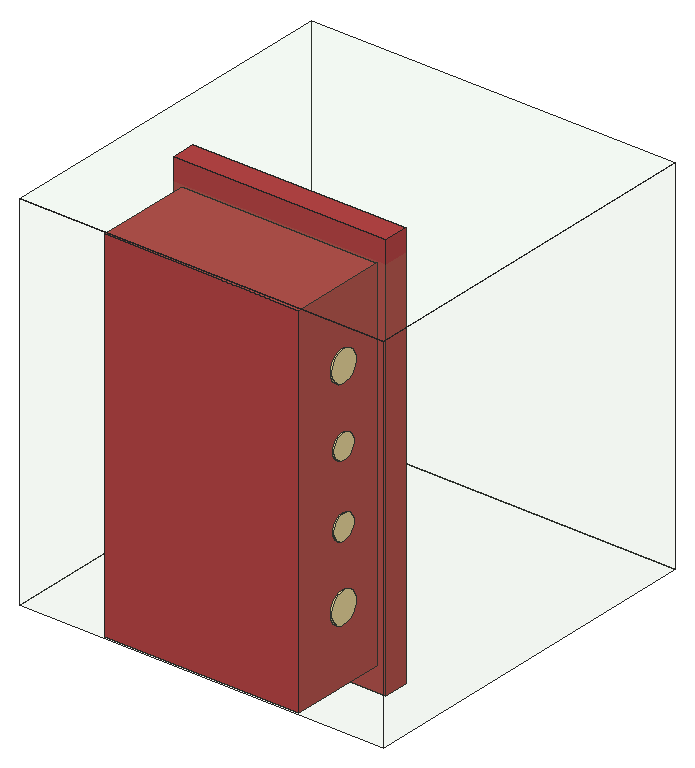
Revit family "ZETA_Коробка_Клемная_КМ 65-20_IP65", category Электрические приборы, Revit 2021
Family settings
  Сохранять ориентацию аннотаций = Нет
  Размер круглого соединителя = Использовать диаметр
  Тип детали = Нормальный
  На основе рабочей плоскости = Да
  Всегда вертикально = Нет
  При загрузке вырезать с полостями = Нет
  Общий = Нет
  Точка принадлежности помещению = Да
Parameters (values of type "65-20_IP65")
  УГО_Ширина = 10 mm
  УГО_Смещение_Х [instance] = 0 mm
  УГО_Смещение_Y [instance] = 0 mm
  УГО_Высота = 5 mm
  Температура эксплуатации = "от -40°С до +60°С"
  Сечение жил до = "4мм2"
  Сертификат = "RU C-RU.АД84.В.00192/20"
  Потолочное размещение [instance] = no
  Default Elevation = 1219.2 mm
  Описание = "Коробки клеммные соединительные КМ43 и КМ65 предназначены для\r\nсоединения и разветвления силовых электрических цепей и цепей КИПиА,\r\nвыполняемых контрольными и силовыми кабелями с алюминиевыми или медными\r\nжилами сечением 1,5-4мм2."
  Номинальный ток = "до 25A"
  Напряжение постоянного тока = "440 В"
  Напряжение переменного тока = "660 В"
  Крышка_Ширина = 160 mm
  Крышка_Длина = 190 mm
  Климатическое исполнение = "УХЛ1,5"
  Изготовитель = "АО «ЗЭТА»"  # constant formula
  Изготавливается по = "ТУ 27.33.13.120-047-99856433-2020"
  URL = "https://nzeta.ru/"
  D3 = 20 mm
  D2 = 32 mm
  D1 = 25 mm
  В_УГО_Смещение_У [instance] = УГО_Смещение_Y + 2000 mm  # 2000 mm
  В_УГО_Смещение_X [instance] = УГО_Смещение_Х + 2000 mm  # 2000 mm
  ADSK_Ток = 0 A
  ADSK_Степень защиты_IP = "IP65"
  ADSK_Размер_Ширина = 175 mm
  ADSK_Размер_УголПоворота [instance] = if(Потолочное размещение, -90.00°, 180.00°)  # 180.00°
  ADSK_Размер_Длина = 336 mm
  ADSK_Размер_Высота = 100 mm
  ADSK_Примечание [instance] = ""
  ADSK_Полная мощность = 0 VA
  ADSK_Позиция [instance] = ""
  ADSK_Обозначение = "KK"
  ADSK_Номинальная мощность = 0 W
  ADSK_Номер стояка = ""
  ADSK_Номер линии = 0
  ADSK_Напряжение = 230 V
  ADSK_Наименование краткое = "КМ 65-20"
  ADSK_Наименование = "Коробка монтажная КМ 65-20 УХЛ1,5 IP65 латунный ввод ГОФРОМАТИК"
  ADSK_Материал наименование = "Сталь оцинкованная"
  ADSK_Масса_Текст = "1,9"
  ADSK_Масса = 1.9
  ADSK_Марка = "KK КМ 65-20 УХЛ1,5 IP65"
  ADSK_Коэффициент мощности = 1
  ADSK_Количество фаз числовое = 1
  ADSK_Количество фаз = 1
  ADSK_Количество = 1
  ADSK_Код изделия = "zeta30343"
  ADSK_Классификация нагрузок = Прочее
  ADSK_Завод-изготовитель = "АО «ЗЭТА»"  # constant formula
  ADSK_Единица измерения = "шт"  # constant formula
  ADSK_Версия семейства = "v.1"  # constant formula
  ADSK_Версия Revit = "2021"
  ADSK_URL страницы изделия = "https://nzeta.ru/catalog/?q=zeta30343"
  ADSK_URL документации изделия = "https://nzeta.ru/upload/uf/ce7/flzcsbpz9h0f8diecrwf8y3ppipdy0zw/passport.pdf"
Reference planes
  plane 1 "По центру (Вперед/Назад)": y = 0
  plane 2: z = 0
  plane 3 "По центру (Влево/Вправо)": x = 0
  plane 4: x = -2000
  plane 5: y = -2000
  plane 6: x = 0
  plane 7: y = 0
Lines and regions (mm)
  reference lines
    curve 1: line (0, 0, 0) -> (0, 0, -180)
    curve 2: line (0, 0, 0) -> (0, 140, 0)
Dimensions and locks
  "В_УГО_Смещение_X": plane 4 to plane 6
  "В_УГО_Смещение_У": plane 7 to plane 5
  angle curve 2 to curve 1 = 90.00°
  "ADSK_Размер_УголПоворота": angle plane 1 "По центру (Вперед/Назад)" to curve 1
  aligned and locked: level to plane 2
  aligned and locked: plane 6 to nested 1
  aligned and locked: nested 1 to plane 7
  aligned and locked: plane 2 to curve 2
  aligned and locked: plane 1 "По центру (Вперед/Назад)" to curve 1
  aligned and locked: nested 2 to curve 2
Nested families
  nested 1: "УГО_Клеменная_Коробка_(GenAnn)" at (0, 0, 0), УГО_Высота <- "УГО_Высота", УГО_Длина <- "УГО_Ширина", ADSK_Обозначение <- "ADSK_Обозначение", ADSK_Степень защиты_IP <- "ADSK_Степень защиты_IP", type "УГО_Клеменная_Коробка_(GenAnn)", detail levels coarse+medium
    with УГО_Длина 10 mm, УГО_Высота 5 mm, ADSK_Степень защиты_IP "IP65", ADSK_Обозначение "KK"
  nested 2: "ZETA_Коробка_Клемная_КМ 65-20_IP65_Геометрия" at (0, 0, 0) x (0, 0, -1) z (0, 1, 0), type "65-20", detail levels medium+fine
  nested 3: "Zeta_Зона обслуживания" at (0, 0, 0) x (-1, 0, 0) z (0, 0, -1), type "Зона обслуживания_Куб", detail levels medium+fine
    with Зона обслуживания_Ширина 300 mm, Зона обслуживания_Длина 300 mm, Зона обслуживания_Высота 300 mm
Connectors
  cabletrayconduit at (-81.999, 43.588, 88.893), diameter 32, driven by "D2"
    settings: on nested 2, index 2, connector width 300 mm, connector height 300 mm, connector angle 0.00°, system type 32, placement type 0, profile type 0, connector reference index -1, is primary connector yes, connector utility param no, connector description ""
  cabletrayconduit at (-81.999, 43.588, 0), diameter 25, driven by "D1"
    settings: on nested 2, index 3, connector width 300 mm, connector height 300 mm, connector angle 0.00°, system type 32, placement type 0, profile type 0, connector reference index -1, is primary connector no, connector utility param no, connector description ""
  cabletrayconduit at (-81.999, 43.588, -88.893), diameter 32, driven by "D2"
    settings: on nested 2, index 4, connector width 300 mm, connector height 300 mm, connector angle 0.00°, system type 32, placement type 0, profile type 0, connector reference index -1, is primary connector no, connector utility param no, connector description ""
  electrical at (0, 0, 0), driven by "ADSK_Количество фаз", driven by "ADSK_Классификация нагрузок", driven by "ADSK_Напряжение", driven by "ADSK_Полная мощность", driven by "ADSK_Коэффициент мощности"
    settings: on nested 2, index 5, voltage 230 V, apparent load 0 VA, apparent load phase1 0 VA, apparent load phase2 0 VA, apparent load phase3 0 VA, power factor 1, load classification "Прочее", number of poles 1, system type 30, power factor state 1, is connector primary yes, connector utility no, sub classification motor no, connector description ""
  cabletrayconduit at (81.928, 43.588, 89.057), diameter 25, driven by "D1"
    settings: on nested 2, index 7, connector width 300 mm, connector height 300 mm, connector angle 0.00°, system type 32, placement type 0, profile type 0, connector reference index -1, is primary connector no, connector utility param no, connector description ""
  cabletrayconduit at (81.928, 43.588, -89.057), diameter 25, driven by "D1"
    settings: on nested 2, index 8, connector width 300 mm, connector height 300 mm, connector angle 0.00°, system type 32, placement type 0, profile type 0, connector reference index -1, is primary connector no, connector utility param no, connector description ""
  cabletrayconduit at (81.928, 43.588, 29.686), diameter 20, driven by "D3"
    settings: on nested 2, index 9, connector width 300 mm, connector height 300 mm, connector angle 0.00°, system type 32, placement type 0, profile type 0, connector reference index -1, is primary connector no, connector utility param no, connector description ""
  cabletrayconduit at (81.928, 43.588, -29.686), diameter 20, driven by "D3"
    settings: on nested 2, index 10, connector width 300 mm, connector height 300 mm, connector angle 0.00°, system type 32, placement type 0, profile type 0, connector reference index -1, is primary connector no, connector utility param no, connector description ""
Definition of nested family "ZETA_Коробка_Клемная_КМ 65-20_IP65_Геометрия"
  Parameters (values of type "65-20")
    Привязки_Штуцер = 177.786 mm
    Default Elevation = 1219.2 mm
    Основание_Ширина = ADSK_Размер_Ширина * 0.9142  # 159.985 mm
    Основание_Длина = ADSK_Размер_Длина * 0.8835  # 296.856 mm
    Manufacturer = "АО \"ЗЭТАРУС\""
    D3 = 20 mm
    D2 = 32 mm
    D1 = 25 mm
    ADSK_Размер_Ширина = 175 mm
    ADSK_Размер_Длина = 336 mm
    ADSK_Размер_Высота = 100 mm
  Reference planes
    plane 1 "По центру (Вперед/Назад)": y = 0
    plane 2: z = 0
    plane 3 "По центру (Влево/Вправо)": x = 0
    plane 4: x = -148.428
    plane 5: x = 148.428
    plane 6: y = -79.992
    plane 7: y = 79.993
    plane 8: x = -168
    plane 9: y = -87.5
    plane 10: x = 168
    plane 11: y = 87.5
    plane 12: z = 100
    plane 13: z = 79.822
    plane 14: y = -57.269
    plane 15: y = 57.269
    plane 16: z = 43.588
    plane 17: y = -81.999
    plane 18: y = 81.928
    plane 19: x = -88.893
    plane 20: x = 88.893
    plane 21: x = -29.686
    plane 22: x = -89.057
    plane 23: x = 29.686
    plane 24: x = 89.057
  Forms (mm)
    Extrusion 1, solid
      sketch origin (0, 0, 0) x (1, 0, 0) y (0, 1, 0)
        loop
          line (-148.428, 79.993) -> (-148.428, -79.992) -> (148.428, -79.992) -> (148.428, 79.993) -> (-148.428, 79.993)
      from 0 to 79.822
    Extrusion 2, solid
      sketch origin (0, 0, 0) x (1, 0, 0) y (0, 1, 0)
        loop
          line (-168, 87.5) -> (-168, -87.5) -> (168, -87.5) -> (168, 87.5) -> (-168, 87.5)
      from 100 to 79.822
    Extrusion 3, solid
      sketch origin (0, 0, 0) x (1, 0, 0) y (0, 0, 1)
        loop
          circle (-88.893, 43.588) r 16
      from 79.992 to 81.999
    Extrusion 4, solid
      sketch origin (43.5, 0, 0) x (1, 0, 0) y (0, 0, 1)
        loop
          circle (-43.5, 43.588) r 12.5
      from 81.999 to 79.992
    Extrusion 5, solid
      sketch origin (117, 0, 0) x (1, 0, 0) y (0, 0, 1)
        loop
          circle (-28.107, 43.588) r 16
      from 81.999 to 79.992
    Extrusion 6, solid
      sketch origin (85.899, 167.006, 14.478) x (1, 0, 0) y (0, 0, 1)
        loop
          circle (-115.585, 29.11) r 10
      from 85.079 to 87.014
    Extrusion 7, solid
      sketch origin (26.528, 167.006, 14.478) x (1, 0, 0) y (0, 0, 1)
        loop
          circle (-115.585, 29.11) r 12.5
      from 85.079 to 87.014
    Extrusion 8, solid
      sketch origin (145.27, 167.006, 14.478) x (1, 0, 0) y (0, 0, 1)
        loop
          circle (-115.585, 29.11) r 10
      from 85.079 to 87.014
    Extrusion 9, solid
      sketch origin (204.642, 167.006, 14.478) x (1, 0, 0) y (0, 0, 1)
        loop
          circle (-115.585, 29.11) r 12.5
      from 85.079 to 87.014
  Dimensions and locks
    equal spacing: plane 4, plane 3 "По центру (Влево/Вправо)", plane 5
    equal spacing: plane 7, plane 1 "По центру (Вперед/Назад)", plane 6
    "Основание_Ширина": plane 7 to plane 6
    "Основание_Длина": plane 4 to plane 5
    equal spacing: plane 11, plane 1 "По центру (Вперед/Назад)", plane 9
    equal spacing: plane 8, plane 3 "По центру (Влево/Вправо)", plane 10
    "ADSK_Размер_Ширина": plane 11 to plane 9
    "ADSK_Размер_Длина": plane 8 to plane 10
    "ADSK_Размер_Высота": plane 12 to level
    locked: plane 6 to plane 17 at 2.006
    locked: plane 18 to plane 7 at 1.935
    equal spacing: plane 19, plane 3 "По центру (Влево/Вправо)", plane 20
    equal spacing: plane 4, plane 22, plane 21, plane 23, plane 24, plane 5
    "Привязки_Штуцер": plane 19 to plane 20
    "D2": diameter of Extrusion 3 sketch curve
    "D1": diameter of Extrusion 4 sketch curve
    "D2": diameter of Extrusion 5 sketch curve
    "D3": diameter of Extrusion 6 sketch curve
    "D1": diameter of Extrusion 7 sketch curve
    "D3": diameter of Extrusion 8 sketch curve
    "D1": diameter of Extrusion 9 sketch curve
    aligned and locked: level to plane 2
    aligned and locked: Extrusion 1 sketch curve to plane 7
    aligned and locked: plane 4 to Extrusion 1 sketch curve
    aligned and locked: plane 6 to Extrusion 1 sketch curve
    aligned and locked: Extrusion 1 sketch curve to plane 5
    aligned and locked: Extrusion 2 sketch curve to plane 11
    aligned and locked: plane 8 to Extrusion 2 sketch curve
    aligned and locked: plane 9 to Extrusion 2 sketch curve
    aligned and locked: Extrusion 2 sketch curve to plane 10
    aligned and locked: Extrusion 2 to plane 13
    aligned and locked: Extrusion 1 to Extrusion 2
    aligned and locked: plane 16 to Extrusion 3 sketch curve
    aligned and locked: plane 6 to Extrusion 3
    aligned and locked: Extrusion 3 to plane 17
    aligned and locked: plane 18 to Extrusion 6
    aligned and locked: Extrusion 6 to plane 7
    aligned and locked: Extrusion 4 to Extrusion 1
    aligned and locked: Extrusion 4 to plane 17
    aligned and locked: Extrusion 5 to Extrusion 1
    aligned and locked: Extrusion 5 to plane 17
    aligned and locked: plane 19 to Extrusion 3 sketch curve
    aligned and locked: plane 20 to Extrusion 5 sketch curve
    aligned and locked: plane 16 to Extrusion 5 sketch curve
    aligned and locked: plane 16 to Extrusion 6 sketch curve
    aligned and locked: plane 21 to Extrusion 6 sketch curve
  Automatic sketch dimensions
    Extrusion 4 sketch curve to plane 3 "По центру (Влево/Вправо)" = 0 mm
    Extrusion 4 sketch curve to plane 16 = 0 mm
    Extrusion 7 sketch curve to plane 16 = 0 mm
    Extrusion 7 sketch curve to plane 22 = 0 mm
    Extrusion 8 sketch curve to plane 16 = 0 mm
    Extrusion 8 sketch curve to plane 23 = 0 mm
    Extrusion 9 sketch curve to plane 16 = 0 mm
    Extrusion 9 sketch curve to plane 24 = 0 mm
Definition of nested family "Zeta_Зона обслуживания"
  Parameters (values of type "Зона обслуживания_Куб")
    Default Elevation = 1219.2 mm
    Зона обслуживания_Ширина [instance] = 300 mm
    Зона обслуживания_Длина [instance] = 300 mm
    Зона обслуживания_Высота [instance] = 300 mm
  Reference planes
    plane 1 "По центру (Вперед/Назад)": y = 0
    plane 2: z = 0
    plane 3 "По центру (Влево/Вправо)": x = 0
    plane 4: x = -150
    plane 5: x = 150
    plane 6: y = 300
    plane 7: z = 150
    plane 8: z = -150
  Forms (mm)
    Extrusion 1, solid
      sketch origin (0, 0, 0) x (1, 0, 0) y (0, 1, 0)
        loop
          line (-150, 300) -> (-150, 0) -> (150, 0) -> (150, 300) -> (-150, 300)
      from -150 to 150
  Dimensions and locks
    equal spacing: plane 4, plane 3 "По центру (Влево/Вправо)", plane 5
    "Зона обслуживания_Ширина": plane 6 to plane 1 "По центру (Вперед/Назад)"
    "Зона обслуживания_Длина": plane 4 to plane 5
    equal spacing: plane 7, level, plane 8
    "Зона обслуживания_Высота": plane 7 to plane 8
    aligned and locked: level to plane 2
    aligned and locked: Extrusion 1 sketch curve to plane 6
    aligned and locked: plane 4 to Extrusion 1 sketch curve
    aligned and locked: Extrusion 1 sketch curve to plane 5
    aligned and locked: Extrusion 1 to plane 8
    aligned and locked: plane 7 to Extrusion 1
    aligned and locked: plane 1 "По центру (Вперед/Назад)" to Extrusion 1
  Automatic sketch dimensions
    plane 1 "По центру (Вперед/Назад)" to Extrusion 1 sketch curve = 0 mm
Definition of nested family "УГО_Клеменная_Коробка_(GenAnn)"
  Parameters (values of type "УГО_Клеменная_Коробка_(GenAnn)")
    УГО_Длина [instance] = 10 mm
    УГО_Высота [instance] = 5 mm
    ADSK_Степень защиты_IP [instance] = ""
    ADSK_Обозначение [instance] = ""
  Reference planes
    plane 1: y = 0
    plane 2: x = 0
  Lines and regions (mm)
    Filled region 1, type "Filled region 1"
      outline origin (0, 0, 0) x (1, 0, 0) y (0, 1, 0)
        loop
          line (-5, 2.5) -> (-5, -2.5) -> (5, -2.5) -> (5, 2.5) -> (-5, 2.5)
    reference lines
      curve 1: line (-5, 2.5, 0) -> (-5, -2.5, 0)
      curve 2: line (-5, -2.5, 0) -> (5, -2.5, 0)
      curve 3: line (5, 2.5, 0) -> (5, -2.5, 0)
      curve 4: line (-5, 2.5, 0) -> (5, 2.5, 0)
  Text (mm)
    label "KK IP 54" at (0.033, -0.03, 0), shows "ADSK_Обозначение", "ADSK_Степень защиты_IP"
  Dimensions and locks
    equal spacing: curve 1, plane 2, curve 3
    equal spacing: curve 2, plane 1, curve 4
    "УГО_Длина": curve 1 to curve 3
    "УГО_Высота": curve 2 to curve 4
    aligned and locked: Filled region 1 sketch curve to curve 4
    aligned and locked: Filled region 1 sketch curve to curve 1
    aligned and locked: Filled region 1 sketch curve to curve 2
    aligned and locked: Filled region 1 sketch curve to curve 3
